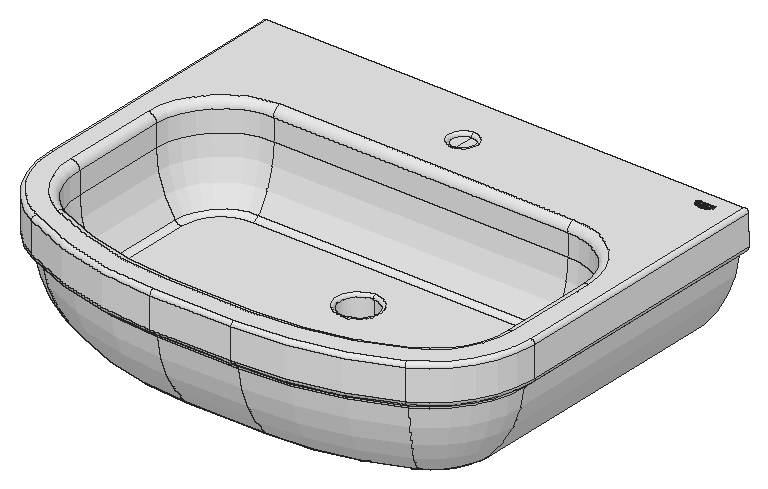
Revit family "PlumbingFixture_GroheLimited_EuroCeramicWashBasin_39335000_METRICa", category Plumbing Fixtures, Revit 2015
Parameters (values of type "39335000")
  _DistributedBy = "www.bimstore.co.uk"
  _CurrentRevision = 1
  _CreatedBy = "www.bimstore.co.uk"
  _BimSpecGuid = 0
  _BSBibleVersion = 14
  _AuthorizedBy = "Kris Atkinson"
  _Author = "Ian Holmes"
  Waste Connection = yes
  WarrantyStartDate [instance] = "Please Record On Commissioning."
  WarrantyGuarantorParts = "info-uk@grohe.com"
  WarrantyGuarantorLabor = "info-uk@grohe.com"
  WarrantyDurationUnit = "Years"
  WarrantyDurationParts = "n/a"
  WarrantyDurationLabor = "n/a"
  WarrantyDescription = "n/a"
  WFU = 0
  Vent Connection = no
  URL = "www.grohe.com"
  TypeName = "Euro Ceramic washbasin wall hung 60"
  Type Comments = "39335000"
  SpareParts = "n/a"
  Size = "n/a"
  Shape = "n/a"
  SerialNumber [instance] = "Please Record On Commissioning."
  ReplacementCost = "n/a"
  ReferencedStandard = "n/a"
  ProductionYear = "2017"
  ProductPageURL = "https://www.grohe.co.uk/en_gb/euro-ceramic-wash-basin-60-39335000.html"
  ProductDocumentationLink = "https://cdn.cloud.grohe.com/dimdraw/2000/2000/2090/2096/2096445/1500/2096445.jpg"
  PrimaryMaterial = Ceramic, White
  PercentageOfRecycledContent = "n/a"
  OffsetFromLevel [instance] = 800 mm
  NominalLength = 595 mm
  NominalHeight = 149 mm
  NominalDepth = 482 mm
  NBSReference = "45-35-70/340"
  NBSOfficeMasterTag = "n/a"
  NBSObjectName = "Grohe Limited -  Ceramic sinks"
  NBSNote = ""
  NBSDescription = "Ceramic sinks"
  ModelReference = "Euro Ceramic washbasin wall hung 60"
  ModelNumber = "39335000"
  Model = "Euro Ceramic washbasin wall hung 60"
  Material = "Ceramic"
  MasterformatTitle = "Sanitary Facilities"
  MasterformatNumber = "01 52 19"
  ManufacturerName = "Grohe Limited"
  Manufacturer = "Grohe Limited"
  LowEmittingMaterial = no
  LEEDCredit = "n/a"
  Keynote = "N13"
  InstallationDate [instance] = "Please Record On Commissioning."
  IndustryStandards = "n/a"
  IfcExportType = "IfcPipeFittingType"
  IfcExportAs = "IfcPipeFitting"
  HotWaterConnectionDiameter = 10 mm
  HWFU = 4.5
  HW Connection = no
  Grade = "n/a"
  Finish = "Ceramic"
  Features = "Euro Ceramic washbasin wall hung 60, Optional Proguard & HyperClean (00H), Vitreous china, Alpine White, 1hole punched with overflow, 600 x 480 mm, 18 pcs per pallet"
  ExpectedLife = 0
  Ecojoy = no
  DurationUnit = "Years"
  DocumentationTechnical = "n/a"
  DocumentationMaintenance = "n/a"
  DocumentationLiterature = "n/a"
  DocumentationInstallationGuide = "n/a"
  DocumentationCertificates = "n/a"
  Description = "Euro Ceramic washbasin wall hung 60, Optional Proguard & HyperClean (00H), Vitreous china, Alpine White, 1hole punched with overflow, 600 x 480 mm, 18 pcs per pallet"
  CreatedOn = "2017-07-01T09:00:00"
  CreatedBy = "info-uk@grohe.com"
  Cost = 0
  Constituents = "n/a"
  Color = "White"
  ColdWaterConnectionDiameter = 10 mm
  CodePerformance = "n/a"
  ClassificationValue = "Pr_40_20_96_15"
  ClassificationName = "Uniclass2015"
  CWFU = 4.5
  CW Connection = no
  BarCode [instance] = "Please Record On Commissioning."
  BIMObjectName = "PlumbingFixture_GroheLimited_EuroCeramicWashBasin_39335000_METRIC"
  AssetType = "Fixed"
  AssetIdentifier [instance] = "Please Record On Commissioning."
  Assembly Code = "D2010"
  AccessibilityPerformance = "n/a"
  ADACompliant = no
Reference planes
  plane 1 "Center (Front/Back)": y = 0
  plane 2: z = 0
  plane 3 "Center (Left/Right)": x = 0
  plane 4: y = -188.529
  plane 5 "OffsetFromLevel": z = 800
Dimensions and locks
  "OffsetFromLevel": plane 5 "OffsetFromLevel" to plane 2
  aligned and locked: level to plane 2
  aligned and locked: plane 1 "Center (Front/Back)" to nested 1
  aligned and locked: plane 3 "Center (Left/Right)" to nested 1
  aligned and locked: plane 5 "OffsetFromLevel" to nested 1
Nested families
  nested 1: "39335000" at (0, 0, 651), type "39335000"
Connectors
  piping at (0, -225, 639), diameter 46
    settings: on nested 1, index 1, connector inside diameter 609.6 mm, connector length 0 mm, flow factor 0, pipe flow 0.0 L/s, pressure drop 0.0 Pa, fitting loss kfactor 0, connector angle 0.00°, fixture units 0, engagement length 0 mm, angle of deflection 0.00°, flow configuration 0, flow direction 2, fitting loss method 0, system type 16, joint type 0, gender type 0, connector reference index -1, connector utility 0, adjustable connector no, is connector primary yes, connector description ""
Definition of nested family "39335000"
  Parameters (values of type "39335000")
    Width = 595 mm
    Material = none
    Length = 482 mm
  Reference planes
    plane 1 "Center (Front/Back)": y = 0
    plane 2: z = 0
    plane 3 "Center (Left/Right)": x = 0
    plane 4: x = 297.5
    plane 5: x = -297.5
    plane 6: y = -482
    plane 7: x = -49.5
    plane 8: x = 49.5
    plane 9: y = -225
    plane 10: y = -65
    plane 11: y = -130
    plane 12: z = 149
    plane 13: z = 37.5
    plane 14: y = -444.5
  Forms (mm)
    Sweep 1, solid, material <- "Material"
      path in 3D
        loop
          line (-297.5, 0, 149) -> (-297.5, -327.54, 149)
          arc (-297.5, -327.54, 149) -> (-279.045, -392.909, 149) -> (-229.13, -438.976, 149) r 125
          arc (-229.13, -438.976, 149) -> (-141.855, -471.094, 149) -> (-49.5, -482, 149) r 396.498
          line (-49.5, -482, 149) -> (49.5, -482, 149)
          arc (49.5, -482, 149) -> (141.855, -471.094, 149) -> (229.13, -438.976, 149) r 396.498
          arc (229.13, -438.976, 149) -> (279.045, -392.909, 149) -> (297.5, -327.54, 149) r 125
          line (297.5, -327.54, 149) -> (297.5, 0, 149)
      profile origin (0, -482, 149) x (0, 1, 0) y (0, 0, 1)
        loop
          arc (5, 0) -> (1.464, -1.464) -> (0, -5) r 5
          line (0, -5) -> (0, -42.452)
          arc (0, -42.452) -> (0.545, -44.722) -> (2.061, -46.497) r 5
          line (2.061, -46.497) -> (9.685, -52.036)
          arc (9.685, -52.036) -> (11.055, -53.546) -> (11.709, -55.477) r 5
          arc (11.709, -55.477) -> (25.797, -104.16) -> (54.525, -145.912) r 158.572
          arc (54.525, -145.912) -> (57.822, -148.196) -> (61.752, -149) r 10
          line (61.752, -149) -> (70, -149) -> (70, 0) -> (5, 0)
    Sweep 2, void
      path in 3D
        loop
          arc (49.5, -444.5, 149) -> (133.121, -434.625, 149) -> (212.141, -405.545, 149) r 358.998
          arc (212.141, -405.545, 149) -> (247.082, -373.298, 149) -> (260, -327.54, 149) r 87.5
          line (260, -327.54, 149) -> (260, -210, 149)
          arc (260, -210, 149) -> (236.569, -153.431, 149) -> (180, -130, 149) r 80
          line (180, -130, 149) -> (-180, -130, 149)
          arc (-180, -130, 149) -> (-236.569, -153.431, 149) -> (-260, -210, 149) r 80
          line (-260, -210, 149) -> (-260, -327.54, 149)
          arc (-260, -327.54, 149) -> (-247.082, -373.298, 149) -> (-212.141, -405.545, 149) r 87.5
          arc (-212.141, -405.545, 149) -> (-133.121, -434.625, 149) -> (-49.5, -444.5, 149) r 358.998
          line (-49.5, -444.5, 149) -> (49.5, -444.5, 149)
      profile origin (0, -444.5, 149) x (0, 1, 0) y (0, 0, 1)
        loop
          arc (0, -36.305) -> (5.907, -73.66) -> (23.05, -107.37) r 121.072
          arc (23.05, -107.37) -> (26.602, -110.408) -> (31.146, -111.5) r 10
          line (31.146, -111.5) -> (40, -111.5) -> (40, 0) -> (-10, 0)
          arc (-10, 0) -> (-2.929, -2.929) -> (0, -10) r 10
          line (0, -10) -> (0, -36.305)
    Revolve 3, void
      sketch origin (0, 0, 0) x (0, 1, 0) y (0, 0, 1)
        loop
          line (-65, 149) -> (-65, 145.464) -> (-51.036, 145.464)
          arc (-51.036, 145.464) -> (-50, 147.964) -> (-47.5, 149) r 3.536
          line (-47.5, 149) -> (-65, 149)
        axis (-65, 149) -> (-65, 145.464)
      angle from 0 to 360
    Revolve 4, void
      sketch origin (0, 0, 0) x (0, 1, 0) y (0, 0, 1)
        loop
          line (-225, 37.5) -> (-251.536, 37.5)
          arc (-251.536, 37.5) -> (-249.036, 36.464) -> (-248, 33.964) r 3.536
          line (-248, 33.964) -> (-248, -17.714) -> (-225, -17.714) -> (-225, 37.5)
        axis (-225, 37.5) -> (-225, -17.714)
      angle from 0 to 360
    Revolve 5, solid, material <- "Material"
      sketch origin (0, 0, 0) x (0, 1, 0) y (0, 0, 1)
        loop
          line (-199, 33.964) -> (-202, 33.964) -> (-202, -12) -> (-199, -12) -> (-199, 33.964)
        axis (-225, 33.964) -> (-225, -12)
      angle from 0 to 360
    Extrusion 6, solid, material <- "Material"
      sketch origin (0, 266.174, 149) x (0, 1, 0) y (-1, 0, 0)
        loop
          line (-593.713, -227.5) -> (-266.174, -227.5) -> (-266.174, 227.5) -> (-593.713, 227.5)
          arc (-593.713, 227.5) -> (-622.475, 219.38) -> (-642.745, 197.417) r 55
          arc (-642.745, 197.417) -> (-669.193, 125.551) -> (-678.174, 49.5) r 326.498
          line (-678.174, 49.5) -> (-678.174, -49.5)
          arc (-678.174, -49.5) -> (-669.193, -125.551) -> (-642.745, -197.417) r 326.498
          arc (-642.745, -197.417) -> (-622.475, -219.38) -> (-593.713, -227.5) r 55
      from -149 to 0
    Extrusion 7, void
      sketch origin (0, 0, 0) x (1, 0, 0) y (0, 1, 0)
        loop
          line (-220, -210) -> (-220, -327.54)
          arc (-220, -327.54) -> (-212.987, -352.38) -> (-194.02, -369.885) r 47.5
          arc (-194.02, -369.885) -> (-123.804, -395.726) -> (-49.5, -404.5) r 318.998
          line (-49.5, -404.5) -> (49.5, -404.5)
          arc (49.5, -404.5) -> (123.804, -395.726) -> (194.02, -369.885) r 318.998
          arc (194.02, -369.885) -> (212.987, -352.38) -> (220, -327.54) r 47.5
          line (220, -327.54) -> (220, -210)
          arc (220, -210) -> (208.284, -181.716) -> (180, -170) r 40
          line (180, -170) -> (-180, -170)
          arc (-180, -170) -> (-208.284, -181.716) -> (-220, -210) r 40
      from 37.5 to 149
    Extrusion 8, solid
      sketch origin (67.724, 1.62, 149) x (1, 0, 0) y (0, 1, 0)
        loop
          spline (184.936, -18.315) -> (183.597, -17.984) -> (182.53, -18.126) -> (181.756, -18.575) -> (181.293, -19.172) -> (181.121, -19.819) -> (181.192, -20.461) -> (181.461, -21.043) -> (181.894, -21.517) -> (182.485, -21.849) -> (183.229, -22.007) -> (184.106, -21.934) -> (185.064, -21.526)
          line (185.064, -21.526) -> (185.064, -20) -> (184.058, -20) -> (184.058, -21.124)
          spline (184.058, -21.124) -> (183.482, -21.366) -> (182.983, -21.343) -> (182.58, -21.115) -> (182.29, -20.745) -> (182.132, -20.294) -> (182.123, -19.824) -> (182.271, -19.389) -> (182.566, -19.03) -> (182.994, -18.785) -> (183.541, -18.692) -> (184.193, -18.789) -> (184.936, -19.115)
          line (184.936, -19.115) -> (184.936, -18.315)
        loop
          line (185.887, -21.919) -> (186.896, -21.919) -> (186.896, -18.847)
          spline (186.896, -18.847) -> (187.187, -18.841) -> (187.432, -18.835) -> (187.636, -18.845) -> (187.805, -18.886) -> (187.943, -18.974) -> (188.056, -19.122) -> (188.128, -19.318) -> (188.135, -19.534) -> (188.054, -19.741) -> (187.86, -19.912) -> (187.529, -20.019) -> (187.037, -20.034)
          line (187.037, -20.034) -> (188.406, -21.919) -> (189.715, -21.919) -> (188.406, -20.359)
          arc (188.406, -20.359) -> (189.142, -19.069) -> (188.002, -18.116) r 1.158
          line (188.002, -18.116) -> (185.887, -18.116) -> (185.887, -21.919)
        loop
          spline (192.081, -22.069) -> (192.689, -22) -> (193.255, -21.796) -> (193.742, -21.473) -> (194.115, -21.051) -> (194.35, -20.56) -> (194.43, -20.033) -> (194.35, -19.506) -> (194.115, -19.014) -> (193.742, -18.593) -> (193.255, -18.269) -> (192.689, -18.066) -> (192.081, -17.996)
          spline (192.081, -17.996) -> (191.473, -18.066) -> (190.906, -18.269) -> (190.42, -18.593) -> (190.046, -19.014) -> (189.812, -19.506) -> (189.732, -20.033) -> (189.812, -20.56) -> (190.046, -21.051) -> (190.42, -21.473) -> (190.906, -21.796) -> (191.473, -22) -> (192.081, -22.069)
        loop
          spline (192.081, -21.378) -> (192.415, -21.332) -> (192.727, -21.198) -> (192.995, -20.984) -> (193.2, -20.705) -> (193.329, -20.381) -> (193.374, -20.033) -> (193.329, -19.684) -> (193.2, -19.36) -> (192.995, -19.081) -> (192.727, -18.868) -> (192.415, -18.733) -> (192.081, -18.687)
          spline (192.081, -18.687) -> (191.746, -18.733) -> (191.434, -18.868) -> (191.166, -19.081) -> (190.961, -19.36) -> (190.832, -19.684) -> (190.788, -20.033) -> (190.832, -20.381) -> (190.961, -20.705) -> (191.166, -20.984) -> (191.434, -21.198) -> (191.746, -21.332) -> (192.081, -21.378)
        loop
          line (195.123, -21.92) -> (196.125, -21.92) -> (196.125, -20.059) -> (197.857, -20.059) -> (197.857, -21.92) -> (198.859, -21.92) -> (198.859, -17.888) -> (197.857, -17.888) -> (197.857, -19.278) -> (196.125, -19.278) -> (196.125, -17.888) -> (195.123, -17.888) -> (195.123, -21.92)
        loop
          line (199.912, -21.92) -> (202.757, -21.92) -> (202.757, -21.088) -> (200.914, -21.088) -> (200.914, -20.288) -> (202.258, -20.288) -> (202.258, -19.488) -> (200.914, -19.488) -> (200.914, -18.688) -> (202.543, -18.688) -> (202.543, -17.888) -> (199.912, -17.888) -> (199.912, -21.92)
        loop
          arc (184.726, -23.275) -> (183.452, -23.701) -> (182.112, -23.787) r 5.216
          line (182.112, -23.787) -> (182.627, -24.495)
          arc (182.627, -24.495) -> (183.86, -24.328) -> (185.031, -23.905) r 5.916
          arc (185.031, -23.905) -> (187.256, -23.394) -> (189.482, -23.905) r 5.1
          arc (189.482, -23.905) -> (192.063, -24.498) -> (194.644, -23.905) r 5.916
          arc (194.644, -23.905) -> (196.87, -23.394) -> (199.095, -23.905) r 5.1
          arc (199.095, -23.905) -> (200.266, -24.328) -> (201.499, -24.495) r 5.916
          line (201.499, -24.495) -> (202.014, -23.787)
          arc (202.014, -23.787) -> (200.674, -23.701) -> (199.4, -23.275) r 5.216
          arc (199.4, -23.275) -> (196.87, -22.694) -> (194.339, -23.275) r 5.8
          arc (194.339, -23.275) -> (192.063, -23.798) -> (189.787, -23.275) r 5.216
          arc (189.787, -23.275) -> (187.256, -22.694) -> (184.726, -23.275) r 5.8
        loop
          arc (199.4, -24.775) -> (196.87, -24.194) -> (194.339, -24.775) r 5.8
          arc (194.339, -24.775) -> (192.063, -25.298) -> (189.787, -24.775) r 5.216
          arc (189.787, -24.775) -> (187.256, -24.194) -> (184.726, -24.775) r 5.8
          arc (184.726, -24.775) -> (184.138, -25.017) -> (183.525, -25.186) r 5.216
          line (183.525, -25.186) -> (184.254, -25.716)
          arc (184.254, -25.716) -> (184.648, -25.574) -> (185.031, -25.405) r 5.916
          arc (185.031, -25.405) -> (187.256, -24.894) -> (189.482, -25.405) r 5.1
          arc (189.482, -25.405) -> (192.063, -25.998) -> (194.644, -25.405) r 5.916
          arc (194.644, -25.405) -> (196.87, -24.894) -> (199.095, -25.405) r 5.1
          arc (199.095, -25.405) -> (199.478, -25.574) -> (199.872, -25.716) r 5.916
          line (199.872, -25.716) -> (200.601, -25.186)
          arc (200.601, -25.186) -> (199.988, -25.017) -> (199.4, -24.775) r 5.216
        loop
          line (185.14, -26.094) -> (186.008, -26.549)
          arc (186.008, -26.549) -> (187.776, -26.421) -> (189.482, -26.905) r 5.1
          arc (189.482, -26.905) -> (192.063, -27.498) -> (194.644, -26.905) r 5.916
          arc (194.644, -26.905) -> (196.35, -26.421) -> (198.118, -26.549) r 5.1
          line (198.118, -26.549) -> (198.986, -26.094)
          arc (198.986, -26.094) -> (196.643, -25.699) -> (194.339, -26.275) r 5.8
          arc (194.339, -26.275) -> (192.063, -26.798) -> (189.787, -26.275) r 5.216
          arc (189.787, -26.275) -> (187.483, -25.699) -> (185.14, -26.094) r 5.8
      from 0 to -2.792
    Extrusion 9, void
      sketch origin (333.949, -104.25, 149) x (0, 1, 0) y (-1, 0, 0)
        loop
          spline (87.555, 81.289) -> (87.887, 82.628) -> (87.745, 83.695) -> (87.295, 84.469) -> (86.699, 84.932) -> (86.051, 85.104) -> (85.409, 85.033) -> (84.827, 84.764) -> (84.353, 84.331) -> (84.021, 83.74) -> (83.863, 82.996) -> (83.936, 82.119) -> (84.344, 81.161)
          line (84.344, 81.161) -> (85.87, 81.161) -> (85.87, 82.167) -> (84.746, 82.167)
          spline (84.746, 82.167) -> (84.504, 82.743) -> (84.528, 83.242) -> (84.755, 83.645) -> (85.125, 83.934) -> (85.576, 84.093) -> (86.047, 84.102) -> (86.482, 83.954) -> (86.841, 83.659) -> (87.086, 83.231) -> (87.178, 82.684) -> (87.081, 82.032) -> (86.755, 81.289)
          line (86.755, 81.289) -> (87.555, 81.289)
        loop
          line (83.951, 80.338) -> (83.951, 79.329) -> (87.024, 79.329)
          spline (87.024, 79.329) -> (87.029, 79.038) -> (87.035, 78.793) -> (87.026, 78.589) -> (86.985, 78.42) -> (86.897, 78.281) -> (86.748, 78.169) -> (86.552, 78.097) -> (86.337, 78.089) -> (86.129, 78.171) -> (85.958, 78.365) -> (85.851, 78.696) -> (85.837, 79.188)
          line (85.837, 79.188) -> (83.951, 77.819) -> (83.951, 76.51) -> (85.511, 77.819)
          arc (85.511, 77.819) -> (86.802, 77.083) -> (87.755, 78.223) r 1.158
          line (87.755, 78.223) -> (87.755, 80.338) -> (83.951, 80.338)
        loop
          spline (83.801, 74.144) -> (83.871, 73.536) -> (84.074, 72.97) -> (84.398, 72.483) -> (84.819, 72.11) -> (85.311, 71.875) -> (85.838, 71.795) -> (86.365, 71.875) -> (86.856, 72.11) -> (87.278, 72.483) -> (87.601, 72.97) -> (87.805, 73.536) -> (87.874, 74.144)
          spline (87.874, 74.144) -> (87.805, 74.752) -> (87.601, 75.319) -> (87.278, 75.805) -> (86.856, 76.179) -> (86.365, 76.413) -> (85.838, 76.493) -> (85.311, 76.413) -> (84.819, 76.179) -> (84.398, 75.805) -> (84.074, 75.319) -> (83.871, 74.752) -> (83.801, 74.144)
        loop
          spline (84.492, 74.144) -> (84.538, 73.81) -> (84.673, 73.498) -> (84.886, 73.23) -> (85.165, 73.025) -> (85.489, 72.896) -> (85.838, 72.851) -> (86.186, 72.896) -> (86.51, 73.025) -> (86.789, 73.23) -> (87.003, 73.498) -> (87.137, 73.81) -> (87.183, 74.144)
          spline (87.183, 74.144) -> (87.137, 74.479) -> (87.003, 74.791) -> (86.789, 75.059) -> (86.51, 75.264) -> (86.186, 75.393) -> (85.838, 75.437) -> (85.489, 75.393) -> (85.165, 75.264) -> (84.886, 75.059) -> (84.673, 74.791) -> (84.538, 74.479) -> (84.492, 74.144)
        loop
          line (83.95, 71.102) -> (83.95, 70.1) -> (85.811, 70.1) -> (85.811, 68.368) -> (83.95, 68.368) -> (83.95, 67.366) -> (87.982, 67.366) -> (87.982, 68.368) -> (86.592, 68.368) -> (86.592, 70.1) -> (87.982, 70.1) -> (87.982, 71.102) -> (83.95, 71.102)
        loop
          line (83.95, 66.313) -> (83.95, 63.467) -> (84.782, 63.467) -> (84.782, 65.311) -> (85.582, 65.311) -> (85.582, 63.967) -> (86.382, 63.967) -> (86.382, 65.311) -> (87.182, 65.311) -> (87.182, 63.682) -> (87.982, 63.682) -> (87.982, 66.313) -> (83.95, 66.313)
        loop
          arc (82.595, 81.499) -> (82.17, 82.773) -> (82.083, 84.113) r 5.216
          line (82.083, 84.113) -> (81.375, 83.598)
          arc (81.375, 83.598) -> (81.543, 82.365) -> (81.965, 81.194) r 5.916
          arc (81.965, 81.194) -> (82.476, 78.968) -> (81.965, 76.743) r 5.1
          arc (81.965, 76.743) -> (81.372, 74.162) -> (81.965, 71.581) r 5.916
          arc (81.965, 71.581) -> (82.476, 69.355) -> (81.965, 67.13) r 5.1
          arc (81.965, 67.13) -> (81.543, 65.959) -> (81.375, 64.726) r 5.916
          line (81.375, 64.726) -> (82.083, 64.211)
          arc (82.083, 64.211) -> (82.17, 65.551) -> (82.595, 66.824) r 5.216
          arc (82.595, 66.824) -> (83.176, 69.355) -> (82.595, 71.886) r 5.8
          arc (82.595, 71.886) -> (82.072, 74.162) -> (82.595, 76.438) r 5.216
          arc (82.595, 76.438) -> (83.176, 78.968) -> (82.595, 81.499) r 5.8
        loop
          arc (81.095, 66.824) -> (81.676, 69.355) -> (81.095, 71.886) r 5.8
          arc (81.095, 71.886) -> (80.572, 74.162) -> (81.095, 76.438) r 5.216
          arc (81.095, 76.438) -> (81.676, 78.968) -> (81.095, 81.499) r 5.8
          arc (81.095, 81.499) -> (80.853, 82.087) -> (80.684, 82.7) r 5.216
          line (80.684, 82.7) -> (80.154, 81.971)
          arc (80.154, 81.971) -> (80.296, 81.577) -> (80.465, 81.194) r 5.916
          arc (80.465, 81.194) -> (80.976, 78.968) -> (80.465, 76.743) r 5.1
          arc (80.465, 76.743) -> (79.872, 74.162) -> (80.465, 71.581) r 5.916
          arc (80.465, 71.581) -> (80.976, 69.355) -> (80.465, 67.13) r 5.1
          arc (80.465, 67.13) -> (80.296, 66.747) -> (80.154, 66.353) r 5.916
          line (80.154, 66.353) -> (80.684, 65.624)
          arc (80.684, 65.624) -> (80.853, 66.237) -> (81.095, 66.824) r 5.216
        loop
          line (79.776, 81.084) -> (79.321, 80.217)
          arc (79.321, 80.217) -> (79.45, 78.449) -> (78.965, 76.743) r 5.1
          arc (78.965, 76.743) -> (78.372, 74.162) -> (78.965, 71.581) r 5.916
          arc (78.965, 71.581) -> (79.45, 69.875) -> (79.321, 68.107) r 5.1
          line (79.321, 68.107) -> (79.776, 67.239)
          arc (79.776, 67.239) -> (80.172, 69.582) -> (79.595, 71.886) r 5.8
          arc (79.595, 71.886) -> (79.072, 74.162) -> (79.595, 76.438) r 5.216
          arc (79.595, 76.438) -> (80.172, 78.742) -> (79.776, 81.084) r 5.8
      from -2.792 to 0
  Cuts and joins
    Sweep 2, Revolve 3, Revolve 4, Extrusion 7, Extrusion 9 cuts Sweep 1
    Sweep 2, Revolve 4, Extrusion 7 cuts Revolve 5
    Sweep 2, Revolve 3, Revolve 4, Extrusion 7 cuts Extrusion 6
    joined: Sweep 1, Revolve 5, Extrusion 6
  Lines and regions (mm)
    reference lines, not visible
      curve 1: line (-297.5, 0, 149) -> (-297.5, -327.54, 149)
      curve 2: line (-49.5, -482, 149) -> (49.5, -482, 149)
      curve 3: line (297.5, 0, 149) -> (297.5, -327.54, 149)
      curve 4: line (-180, -130, 149) -> (180, -130, 149)
      curve 5: line (-49.5, -444.5, 149) -> (49.5, -444.5, 149)
      curve 6: line (-260, -210, 149) -> (-260, -327.54, 149)
      curve 7: line (260, -210, 149) -> (260, -327.54, 149)
      curve 8: arc (-260, -210, 149) -> (-236.569, -153.431, 149) -> (-180, -130, 149) r 80
      curve 9: arc (180, -130, 149) -> (236.569, -153.431, 149) -> (260, -210, 149) r 80
      curve 12: arc (-229.13, -438.976, 149) -> (-141.855, -471.094, 149) -> (-49.5, -482, 149) r 396.498
      curve 14: arc (229.13, -438.976, 149) -> (141.855, -471.094, 149) -> (49.5, -482, 149) r 396.498
      curve 23: arc (-212.141, -405.545, 149) -> (-133.121, -434.625, 149) -> (-49.5, -444.5, 149) r 358.998
      curve 24: arc (212.141, -405.545, 149) -> (133.121, -434.625, 149) -> (49.5, -444.5, 149) r 358.998
    sketch lines
      curve 10: line (-49.5, -482, 149) -> (49.5, -482, 149)
      curve 11: line (-49.5, -444.5, 149) -> (49.5, -444.5, 149)
      curve 16: arc (-229.13, -438.976, 149) -> (-141.855, -471.094, 149) -> (-49.5, -482, 149) r 396.498
      curve 17: arc (-229.13, -438.976, 149) -> (-279.045, -392.909, 149) -> (-297.5, -327.54, 149) r 125
      curve 18: line (-297.5, 0, 149) -> (-297.5, -327.54, 149)
      curve 19: arc (229.13, -438.976, 149) -> (141.855, -471.094, 149) -> (49.5, -482, 149) r 396.498
      curve 20: arc (229.13, -438.976, 149) -> (279.045, -392.909, 149) -> (297.5, -327.54, 149) r 125
      curve 21: line (297.5, 0, 149) -> (297.5, -327.54, 149)
      curve 26: arc (-212.141, -405.545, 149) -> (-133.121, -434.625, 149) -> (-49.5, -444.5, 149) r 358.998
      curve 27: arc (-212.141, -405.545, 149) -> (-247.082, -373.298, 149) -> (-260, -327.54, 149) r 87.5
      curve 28: line (-260, -210, 149) -> (-260, -327.54, 149)
      curve 29: arc (-260, -210, 149) -> (-236.569, -153.431, 149) -> (-180, -130, 149) r 80
      curve 30: line (-180, -130, 149) -> (180, -130, 149)
      curve 31: arc (180, -130, 149) -> (236.569, -153.431, 149) -> (260, -210, 149) r 80
      curve 32: line (260, -210, 149) -> (260, -327.54, 149)
      curve 33: arc (212.141, -405.545, 149) -> (247.082, -373.298, 149) -> (260, -327.54, 149) r 87.5
      curve 34: arc (212.141, -405.545, 149) -> (133.121, -434.625, 149) -> (49.5, -444.5, 149) r 358.998
    reference lines
      curve 13: arc (-229.13, -438.976, 149) -> (-279.045, -392.909, 149) -> (-297.5, -327.54, 149) r 125
      curve 15: arc (229.13, -438.976, 149) -> (279.045, -392.909, 149) -> (297.5, -327.54, 149) r 125
      curve 22: arc (-212.141, -405.545, 149) -> (-247.082, -373.298, 149) -> (-260, -327.54, 149) r 87.5
      curve 25: arc (212.141, -405.545, 149) -> (247.082, -373.298, 149) -> (260, -327.54, 149) r 87.5
  Dimensions and locks
    locked: plane 7 to plane 3 "Center (Left/Right)" at 49.5
    locked: plane 8 to plane 3 "Center (Left/Right)" at 49.5
    "Length": plane 6 to plane 1 "Center (Front/Back)"
    equal spacing: plane 5, plane 3 "Center (Left/Right)", plane 4
    "Width": plane 5 to plane 4
    plane 9 to plane 1 "Center (Front/Back)" = 225 mm
    plane 10 to plane 1 "Center (Front/Back)" = 65 mm
    plane 12 to plane 2 = 149 mm
    locked: plane 5 to curve 6 at 37.5
    locked: curve 7 to plane 4 at 37.5
    locked: plane 6 to plane 14 at 37.5
    aligned and locked: level to plane 2
    aligned and locked: plane 5 to curve 1
    aligned and locked: curve 3 to plane 4
    aligned and locked: curve 2 to plane 6
    aligned and locked: curve 2 to plane 7
    aligned and locked: plane 8 to curve 2
    aligned and locked: curve 4 to plane 11
    aligned and locked: plane 14 to curve 5
  Automatic sketch dimensions
    Revolve 3 sketch curve to plane 10 = 0 mm  (x2)
    Revolve 3 sketch curve to plane 12 = 0 mm
    Revolve 3 sketch curve to plane 12 = 3.536 mm
    Revolve 3 sketch curve to plane 10 = 13.964 mm
    Revolve 3 sketch curve to Revolve 3 sketch curve = 35.258 mm
    Revolve 3 sketch curve to Revolve 3 sketch curve = 13.136 mm
    Revolve 5 sketch curve to plane 9 = 0 mm
    plane 13 to Revolve 5 sketch curve = 3.536 mm
    Revolve 5 sketch curve to plane 9 = 23 mm
    Revolve 5 sketch curve to Revolve 5 sketch curve = 3 mm
    Revolve 5 sketch curve to level = 12 mm
    Revolve 5 sketch curve to plane 13 = 24.822 mm
    Revolve 5 sketch curve to Revolve 5 sketch curve = 16.642 mm
    plane 13 to Revolve 4 sketch curve = 0 mm
    Revolve 4 sketch curve to plane 9 = 0 mm  (x2)
    plane 13 to Revolve 4 sketch curve = 3.536 mm
    Revolve 4 sketch curve to plane 13 = 25 mm
    Revolve 4 sketch curve to Revolve 4 sketch curve = 10 mm
    Revolve 4 sketch curve to Revolve 4 sketch curve = 23 mm
    Revolve 4 sketch curve to Revolve 4 sketch curve = 51.678 mm
    Sweep 1 sketch curve to profile plane = 0 mm  (x2)
    Sweep 1 sketch curve to profile plane = 2.061 mm
    Sweep 1 sketch curve to profile plane = 5 mm  (x2)
    Sweep 1 sketch curve to profile plane = 6.746 mm
    Sweep 1 sketch curve to Sweep 1 sketch curve = 2.939 mm
    Sweep 1 sketch curve to profile plane = 61.752 mm
    Sweep 1 sketch curve to Sweep 1 sketch curve = 8.248 mm
    Sweep 1 sketch curve to profile plane = 36.305 mm
    Sweep 1 sketch curve to Sweep 1 sketch curve = 99.118 mm
    Sweep 1 sketch curve to Sweep 1 sketch curve = 37.452 mm
    Sweep 1 sketch curve to Sweep 1 sketch curve = 5.539 mm
    Sweep 1 sketch curve to Sweep 1 sketch curve = 4.045 mm
    Sweep 1 sketch curve to Sweep 1 sketch curve = 83.523 mm
    Sweep 1 sketch curve to Sweep 1 sketch curve = 10 mm
    Sweep 1 sketch curve to Sweep 1 sketch curve = 0 mm
    Sweep 2 sketch curve to profile plane = 0 mm  (x3)
    profile plane to Sweep 2 sketch curve = 10 mm
    Sweep 2 sketch curve to profile plane = 31.146 mm
    Sweep 2 sketch curve to Sweep 2 sketch curve = 8.854 mm
    Sweep 2 sketch curve to profile plane = 36.305 mm
    Sweep 2 sketch curve to Sweep 2 sketch curve = 81.072 mm
    Sweep 2 sketch curve to Sweep 2 sketch curve = 65.195 mm
    Sweep 2 sketch curve to Sweep 2 sketch curve = 4.13 mm
    Sweep 2 sketch curve to Sweep 2 sketch curve = 0 mm
    curve 12 to curve 23 = 0 mm  (x2)
    curve 13 to curve 22 = 0 mm  (x2)
    curve 14 to curve 24 = 0 mm  (x2)
    curve 15 to curve 25 = 0 mm
    plane 1 "Center (Front/Back)" to curve 1 = 0 mm
    plane 1 "Center (Front/Back)" to curve 3 = 0 mm
    curve 7 to plane 9 = 15 mm
    curve 6 to plane 9 = 15 mm
    plane 10 to curve 23 = 20.502 mm
    plane 10 to curve 14 = 20.502 mm
    curve 13 to curve 6 = 87.5 mm
    curve 14 to curve 25 = 33.431 mm
    curve 22 to curve 23 = 0 mm
    curve 15 to curve 24 = 33.431 mm
    curve 15 to curve 7 = 0 mm
    plane 1 "Center (Front/Back)" to Extrusion 6 sketch curve = 0 mm
    plane 9 to Extrusion 6 sketch curve = 102.54 mm  (x2)
    Extrusion 6 sketch curve to plane 4 = 70 mm
    Extrusion 6 sketch curve to plane 14 = 32.5 mm
    Extrusion 6 sketch curve to Extrusion 6 sketch curve = 55 mm  (x2)
    Extrusion 6 sketch curve to plane 5 = 125 mm
    Extrusion 6 sketch curve to plane 8 = 0 mm
    Extrusion 6 sketch curve to plane 7 = 0 mm
    plane 10 to Extrusion 6 sketch curve = 20.502 mm  (x2)
    Extrusion 7 sketch curve to plane 7 = 0 mm
    Extrusion 7 sketch curve to plane 8 = 0 mm
    Extrusion 7 sketch curve to plane 7 = 123 mm
    Extrusion 7 sketch curve to plane 11 = 40 mm
    Extrusion 7 sketch curve to plane 5 = 117.5 mm
    Extrusion 7 sketch curve to Extrusion 7 sketch curve = 47.5 mm
    Extrusion 7 sketch curve to plane 8 = 123 mm
    Extrusion 7 sketch curve to plane 9 = 15 mm
    Extrusion 7 sketch curve to plane 4 = 117.5 mm
    plane 9 to Extrusion 7 sketch curve = 102.54 mm  (x2)
    Extrusion 7 sketch curve to plane 14 = 40 mm
    plane 10 to Extrusion 7 sketch curve = 20.502 mm  (x2)
    Extrusion 8 sketch curve to Extrusion 8 sketch curve = 0 mm  (x56)
    Extrusion 8 sketch curve to plane 4 = 47.664 mm
    Extrusion 8 sketch curve to Extrusion 8 sketch curve = 0.337 mm  (x2)
    Extrusion 8 sketch curve to Extrusion 8 sketch curve = 0.515 mm  (x2)
    Extrusion 8 sketch curve to Extrusion 8 sketch curve = 0.898 mm  (x2)
    Extrusion 8 sketch curve to Extrusion 8 sketch curve = 1.608 mm
    Extrusion 8 sketch curve to Extrusion 8 sketch curve = 0.73 mm  (x2)
    Extrusion 8 sketch curve to Extrusion 8 sketch curve = 0.878 mm
    Extrusion 8 sketch curve to Extrusion 8 sketch curve = 1.005 mm
    Extrusion 8 sketch curve to Extrusion 8 sketch curve = 0.886 mm  (x2)
    Extrusion 8 sketch curve to Extrusion 8 sketch curve = 0.823 mm
    Extrusion 8 sketch curve to Extrusion 8 sketch curve = 0.868 mm  (x2)
    Extrusion 8 sketch curve to Extrusion 8 sketch curve = 1.009 mm
    Extrusion 8 sketch curve to Extrusion 8 sketch curve = 0.14 mm
    Extrusion 8 sketch curve to Extrusion 8 sketch curve = 1.248 mm  (x2)
    Extrusion 8 sketch curve to Extrusion 8 sketch curve = 1.106 mm
    Extrusion 8 sketch curve to Extrusion 8 sketch curve = 0.404 mm
    Extrusion 8 sketch curve to Extrusion 8 sketch curve = 1.51 mm
    Extrusion 8 sketch curve to Extrusion 8 sketch curve = 1.309 mm
    Extrusion 8 sketch curve to Extrusion 8 sketch curve = 2.348 mm
    Extrusion 8 sketch curve to Extrusion 8 sketch curve = 3.06 mm
    Extrusion 8 sketch curve to Extrusion 8 sketch curve = 1.002 mm  (x3)
    Extrusion 8 sketch curve to Extrusion 8 sketch curve = 0.745 mm
    Extrusion 8 sketch curve to Extrusion 8 sketch curve = 1.732 mm
    Extrusion 8 sketch curve to Extrusion 8 sketch curve = 1.053 mm
    Extrusion 8 sketch curve to Extrusion 8 sketch curve = 0.762 mm  (x2)
    Extrusion 8 sketch curve to Extrusion 8 sketch curve = 0.581 mm
    Extrusion 8 sketch curve to Extrusion 8 sketch curve = 0.866 mm
    Extrusion 8 sketch curve to Extrusion 8 sketch curve = 0.5 mm
    plane 1 "Center (Front/Back)" to Extrusion 8 sketch curve = 29.874 mm
    Extrusion 8 sketch curve to Extrusion 8 sketch curve = 1.5 mm  (x7)
    Extrusion 8 sketch curve to Extrusion 8 sketch curve = 1.945 mm  (x2)
    Extrusion 8 sketch curve to Extrusion 8 sketch curve = 0.455 mm  (x2)
    Extrusion 8 sketch curve to Extrusion 8 sketch curve = 0.378 mm  (x2)
    Extrusion 8 sketch curve to Extrusion 8 sketch curve = 0.53 mm  (x2)
    Extrusion 8 sketch curve to Extrusion 8 sketch curve = 0.691 mm  (x2)
    Extrusion 8 sketch curve to Extrusion 8 sketch curve = 0.708 mm  (x2)
    Extrusion 8 sketch curve to Extrusion 8 sketch curve = 1.867 mm
    Extrusion 8 sketch curve to Extrusion 8 sketch curve = 3.267 mm
    Extrusion 8 sketch curve to Extrusion 8 sketch curve = 0.393 mm
    Extrusion 8 sketch curve to Extrusion 8 sketch curve = 0.402 mm
    Extrusion 8 sketch curve to Extrusion 8 sketch curve = 0.832 mm
    Extrusion 8 sketch curve to Extrusion 8 sketch curve = 1.56 mm
    Extrusion 8 sketch curve to Extrusion 8 sketch curve = 0.8 mm  (x4)
    Extrusion 8 sketch curve to Extrusion 8 sketch curve = 0.206 mm
    Extrusion 8 sketch curve to Extrusion 8 sketch curve = 1.042 mm
    Extrusion 8 sketch curve to Extrusion 8 sketch curve = 1.861 mm
    Extrusion 8 sketch curve to Extrusion 8 sketch curve = 0.325 mm
    Extrusion 8 sketch curve to Extrusion 8 sketch curve = 1.124 mm
    Extrusion 8 sketch curve to Extrusion 8 sketch curve = 0.781 mm
    Extrusion 8 sketch curve to Extrusion 8 sketch curve = 1.086 mm
    Extrusion 8 sketch curve to Extrusion 8 sketch curve = 0.885 mm
    Extrusion 8 sketch curve to Extrusion 8 sketch curve = 0.427 mm
    Extrusion 8 sketch curve to Extrusion 8 sketch curve = 0.106 mm
    Extrusion 8 sketch curve to Extrusion 8 sketch curve = 1.39 mm  (x2)
    Extrusion 8 sketch curve to Extrusion 8 sketch curve = 0.018 mm  (x2)
    Extrusion 8 sketch curve to Extrusion 8 sketch curve = 0.487 mm
    Extrusion 8 sketch curve to Extrusion 8 sketch curve = 0.204 mm
    Extrusion 8 sketch curve to Extrusion 8 sketch curve = 0.05 mm
    Extrusion 9 sketch curve to Extrusion 9 sketch curve = 0 mm  (x51)
    plane 1 "Center (Front/Back)" to Extrusion 9 sketch curve = 29.874 mm
    Extrusion 9 sketch curve to Extrusion 9 sketch curve = 1.5 mm  (x7)
    Extrusion 9 sketch curve to Extrusion 9 sketch curve = 1.945 mm  (x2)
    Extrusion 9 sketch curve to Extrusion 9 sketch curve = 0.455 mm  (x2)
    Extrusion 9 sketch curve to plane 4 = 44.636 mm
    Extrusion 9 sketch curve to Extrusion 9 sketch curve = 0.378 mm  (x2)
    Extrusion 9 sketch curve to Extrusion 9 sketch curve = 0.53 mm  (x2)
    Extrusion 9 sketch curve to plane 4 = 46.251 mm
    Extrusion 9 sketch curve to Extrusion 9 sketch curve = 0.691 mm  (x2)
    Extrusion 9 sketch curve to Extrusion 9 sketch curve = 0.708 mm  (x2)
    Extrusion 9 sketch curve to Extrusion 9 sketch curve = 1.867 mm
    Extrusion 9 sketch curve to Extrusion 9 sketch curve = 3.267 mm
    Extrusion 9 sketch curve to Extrusion 9 sketch curve = 0.337 mm
    Extrusion 9 sketch curve to Extrusion 9 sketch curve = 0.393 mm
    Extrusion 9 sketch curve to Extrusion 9 sketch curve = 0.402 mm
    Extrusion 9 sketch curve to Extrusion 9 sketch curve = 0.832 mm
    Extrusion 9 sketch curve to Extrusion 9 sketch curve = 1.56 mm
    Extrusion 9 sketch curve to Extrusion 9 sketch curve = 0.8 mm  (x4)
    Extrusion 9 sketch curve to Extrusion 9 sketch curve = 0.206 mm
    Extrusion 9 sketch curve to Extrusion 9 sketch curve = 1.042 mm
    Extrusion 9 sketch curve to Extrusion 9 sketch curve = 1.861 mm
    Extrusion 9 sketch curve to Extrusion 9 sketch curve = 0.325 mm
    Extrusion 9 sketch curve to Extrusion 9 sketch curve = 1.124 mm
    Extrusion 9 sketch curve to Extrusion 9 sketch curve = 0.781 mm
    Extrusion 9 sketch curve to Extrusion 9 sketch curve = 1.086 mm
    Extrusion 9 sketch curve to Extrusion 9 sketch curve = 0.885 mm
    Extrusion 9 sketch curve to Extrusion 9 sketch curve = 0.427 mm
    Extrusion 9 sketch curve to Extrusion 9 sketch curve = 0.106 mm
    Extrusion 9 sketch curve to Extrusion 9 sketch curve = 0.199 mm
    Extrusion 9 sketch curve to Extrusion 9 sketch curve = 1.39 mm  (x2)
    Extrusion 9 sketch curve to Extrusion 9 sketch curve = 2.362 mm
    Extrusion 9 sketch curve to Extrusion 9 sketch curve = 0.868 mm  (x2)
    Extrusion 9 sketch curve to Extrusion 9 sketch curve = 1.009 mm
    Extrusion 9 sketch curve to Extrusion 9 sketch curve = 0.14 mm
    Extrusion 9 sketch curve to Extrusion 9 sketch curve = 1.248 mm  (x2)
    Extrusion 9 sketch curve to Extrusion 9 sketch curve = 1.106 mm
    Extrusion 9 sketch curve to Extrusion 9 sketch curve = 1.51 mm
    Extrusion 9 sketch curve to Extrusion 9 sketch curve = 1.309 mm
    Extrusion 9 sketch curve to Extrusion 9 sketch curve = 2.348 mm
    Extrusion 9 sketch curve to Extrusion 9 sketch curve = 3.06 mm
    Extrusion 9 sketch curve to Extrusion 9 sketch curve = 1.002 mm  (x4)
    Extrusion 9 sketch curve to Extrusion 9 sketch curve = 0.745 mm
    Extrusion 9 sketch curve to Extrusion 9 sketch curve = 1.732 mm  (x2)
    Extrusion 9 sketch curve to Extrusion 9 sketch curve = 0.886 mm
    Extrusion 9 sketch curve to Extrusion 9 sketch curve = 1.053 mm
    Extrusion 9 sketch curve to Extrusion 9 sketch curve = 0.73 mm  (x2)
    Extrusion 9 sketch curve to Extrusion 9 sketch curve = 0.898 mm  (x2)
    Extrusion 9 sketch curve to Extrusion 9 sketch curve = 0.762 mm  (x2)
    Extrusion 9 sketch curve to Extrusion 9 sketch curve = 0.515 mm  (x2)
    Extrusion 9 sketch curve to Extrusion 9 sketch curve = 0.581 mm
    Extrusion 9 sketch curve to Extrusion 9 sketch curve = 0.866 mm
    Extrusion 9 sketch curve to Extrusion 9 sketch curve = 0.5 mm
    Extrusion 9 sketch curve to Extrusion 9 sketch curve = 0.823 mm
    Extrusion 9 sketch curve to Extrusion 9 sketch curve = 0.127 mm
    Extrusion 9 sketch curve to Extrusion 9 sketch curve = 1.005 mm
    Extrusion 9 sketch curve to Extrusion 9 sketch curve = 1.608 mm
    Extrusion 9 sketch curve to Extrusion 9 sketch curve = 0.87 mm  (x2)
    Extrusion 9 sketch curve to Extrusion 9 sketch curve = 0.63 mm
    Extrusion 9 sketch curve to Extrusion 9 sketch curve = 0.487 mm
    Extrusion 9 sketch curve to Extrusion 9 sketch curve = 0.204 mm
    Extrusion 9 sketch curve to Extrusion 9 sketch curve = 0.05 mm
    Extrusion 9 sketch curve to Extrusion 9 sketch curve = 0.018 mm  (x2)
